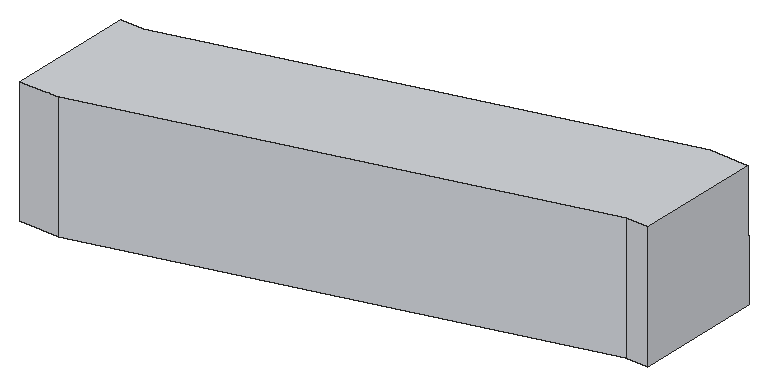
Revit family "M_Deslocamento retangular - 90 graus", category Conexões de duto, Revit 2019
Family settings
  Cota do conector redondo = Utilizar diâmetro
  Tipo de parte = Deslocamento
  Número OmniClass = 23.75.70.14
  Título OmniClass = Air Ductwork
  ID de item do Seek = Rectangular Offset - Mitered-0000-CAN-ENU
  Com base no plano de trabalho = Não
  Sempre na vertical = Sim
  Corte com vazios quando carregada = Não
  Compartilhado = Não
Parameters (values of type "Padrão")
  Deslocamento 1 [instance] = if(Deslocamento = 0 mm, 10.021 mm, Deslocamento)  # 300 mm
  Comprimento 3 [instance] = (Comprimento do duto 1 - abs(Deslocamento 1) / tan(Ângulo 1) - 100.013 mm) * 0.5  # 22.242 mm
  Comprimento 2 [instance] = Deslocamento + 10160 mm  # 10460 mm
  Comprimento 1 [instance] = abs(Deslocamento 1) / tan(Ângulo 1)  # 1119.615 mm
  Largura do duto [instance] = 300 mm
  Deslocamento [instance] = 300 mm
  Comprimento do duto 1 [instance] = if((Comprimento do duto - Comprimento 1 - 100 mm) * 0.5 - (Largura do duto / 2 * tan(Ângulo 1 / 2)) > 0 mm, Comprimento do duto, ((Largura do duto * tan(Ângulo 1 / 2) + 5 mm) + Comprimento 1 + 100 mm))  # 1264.111 mm
  Comprimento do duto [instance] = 500 mm
  Altura do duto [instance] = 300 mm
  Ângulo 1 [instance] = if(Ângulo < 15.00°, 15.00°, if(Ângulo < 30.00°, Ângulo, 30.00°))  # 15.00°
  Ângulo [instance] = 15.00°
Reference planes
  plane 1 "Centro (Frente/Trás)": y = 0
  plane 2: z = 0
  plane 3 "Centro (Esquerda/Direita)": x = 0
  plane 4: x = 50.8
  plane 5: x = 73.042
  plane 6: y = 150
  plane 7: y = -150
  plane 8: y = -10160
  plane 9: y = 300
  plane 10: x = 1191.069
  plane 11: x = 1213.311
  plane 12: x = 1264.111
  plane 13: y = 450
  plane 14: y = 150
Forms (mm)
  Sweep 1, solid, detail levels medium+fine
    path in 3D
      loop
        line (50.8, 0, 0) -> (73.042, 0, 0) -> (1191.069, 300, 0) -> (1213.311, 300, 0)
    profile "M_Duto - Retangular : Duto - Retangular" origin (61.921, 0, 0) x (0, 1, 0) y (0, 0, 1)
      loop
        line (-150, 150) -> (-150, -150) -> (150, -150) -> (150, 150) -> (-150, 150)
  Sweep 2, solid, detail levels medium+fine
    path in 3D
      loop
        line (0, 0, 0) -> (50.8, 0, 0)
    profile "M_Duto - Retangular : Duto - Retangular" origin (25.4, 0, 0) x (0, 1, 0) y (0, 0, 1)
      loop
        line (-150, 150) -> (-150, -150) -> (150, -150) -> (150, 150) -> (-150, 150)
  Sweep 3, solid, detail levels medium+fine
    path in 3D
      loop
        line (1213.311, 300, 0) -> (1264.111, 300, 0)
    profile "M_Duto - Retangular : Duto - Retangular" origin (1238.711, 300, 0) x (0, 1, 0) y (0, 0, 1)
      loop
        line (-150, 150) -> (-150, -150) -> (150, -150) -> (150, 150) -> (-150, 150)
Cuts and joins
  joined: Sweep 1, Sweep 2, Sweep 3
Lines and regions (mm)
  model lines, detail levels coarse
    curve 1: line (50.8, 0, 0) -> (73.042, 0, 0)
    curve 2: line (73.042, 0, 0) -> (1191.069, 300, 0)
    curve 3: line (1191.069, 300, 0) -> (1213.311, 300, 0)
    curve 7: line (0, 0, 0) -> (50.8, 0, 0)
    curve 8: line (1213.311, 300, 0) -> (1264.111, 300, 0)
  sketch lines
    curve 4: line (50.8, 0, 0) -> (73.042, 0, 0)
    curve 5: line (73.042, 0, 0) -> (1191.069, 300, 0)
    curve 6: line (1191.069, 300, 0) -> (1213.311, 300, 0)
    curve 9: line (0, 0, 0) -> (50.8, 0, 0)
    curve 10: line (1213.311, 300, 0) -> (1264.111, 300, 0)
Dimensions and locks
  locked: plane 8 to plane 1 "Centro (Frente/Trás)" at 10160
  "Comprimento 2": plane 9 to plane 8
  equal spacing: plane 6, plane 1 "Centro (Frente/Trás)", plane 7
  "Largura do duto": plane 6 to plane 7
  locked: plane 3 "Centro (Esquerda/Direita)" to plane 4 at 50.8
  "Comprimento 3": plane 4 to plane 5
  "Comprimento 3": plane 10 to plane 11
  locked: plane 11 to plane 12 at 50.8
  equal spacing: plane 13, plane 9, plane 14
  "Largura do duto": plane 13 to plane 14
  "Comprimento do duto 1": plane 3 "Centro (Esquerda/Direita)" to plane 12
  aligned and locked: plane 1 "Centro (Frente/Trás)" to curve 1
  aligned and locked: plane 5 to curve 2
  aligned and locked: plane 10 to curve 3
  aligned and locked: plane 9 to curve 3
  aligned and locked: plane 1 "Centro (Frente/Trás)" to curve 2
  aligned and locked: plane 3 "Centro (Esquerda/Direita)" to curve 7
  aligned and locked: plane 1 "Centro (Frente/Trás)" to curve 7
  aligned and locked: plane 4 to curve 7
  aligned and locked: curve 8 to plane 9
  aligned and locked: plane 11 to curve 8
Automatic sketch dimensions
  curve 8 to plane 12 = 0 mm
Connectors
  hvac at (0, 0, 0), driven by "Altura do duto", driven by "Largura do duto"
    settings: on cut or joined group of Sweep 1, Sweep 2, Sweep 3, index 1, duct flow 0.0 L/s, flow factor 0, pres drop 0.0 Pa, loss coef 0, conn angle 0.00°, conn width 300 mm, conn height 300 mm, conn diameter 609.6 mm, duct sys type 28, conn prof type 1, flow config 0, flow direction 0, loss method 0, conn ref index 2, conn util no, is conn primary yes, conn desc ""
  hvac at (1264.111, 300, 0), driven by "Altura do duto", driven by "Largura do duto"
    settings: on cut or joined group of Sweep 1, Sweep 2, Sweep 3, index 2, duct flow 0.0 L/s, flow factor 0, pres drop 0.0 Pa, loss coef 0, conn angle 0.00°, conn width 300 mm, conn height 300 mm, conn diameter 609.6 mm, duct sys type 28, conn prof type 1, flow config 0, flow direction 0, loss method 0, conn ref index 1, conn util no, is conn primary no, conn desc ""
